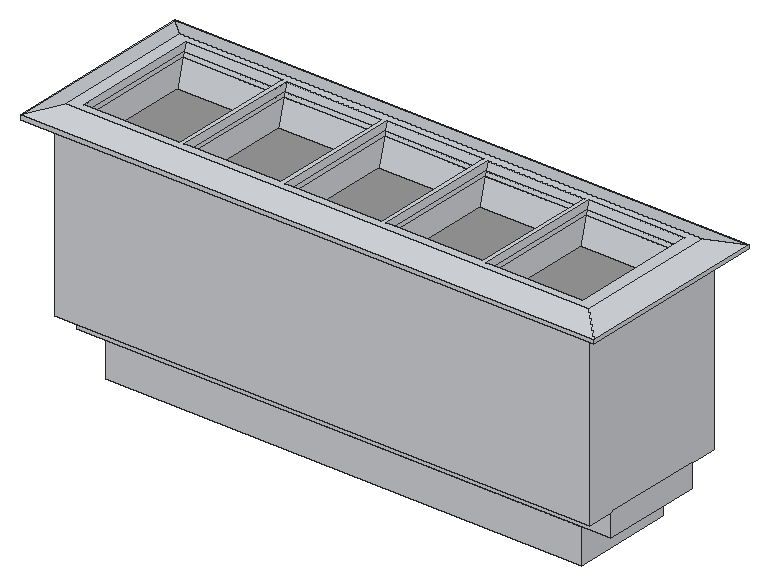
Revit family "2061422 Sylvania Lighting Fixture DOMINO 5xLED 930 BLACK MB TRIM WHITE DALI", category Lighting Fixtures, host Face, Revit 2018
Family settings
  Host = Face
  Round Connector Dimension = Use Diameter
  Part Type = Normal
  OmniClass Number = 23.80.70.00
  OmniClass Title = Lighting
  Cut with Voids When Loaded = No
  Light Source = Yes
  Shared = No
  Room Calculation Point = No
Parameters (values of type "2061422 DOMINO 5XLED 930 BLACK MB TR WHT DALI")
  top top width = 15.812 mm
  top top length = 123 mm
  Width = 50 mm
  Weight = "n/a"
  Wattage Comments = ""
  Wattage = 9.2903 W
  WarrantyStartDate [instance] = "n/a"
  WarrantyGuarantorParts = "n/a"
  WarrantyDurationUnit = "n/a"
  WarrantyDurationParts = ""
  WarrantyDescription = "http://www.sylvania-lighting.com"
  built-in parameter 1150110 = 1 (stored number, unit not read)
  Voltage = 0 V
  URL = "0.96"
  TypeName = "DOMINO 5xLED 930 BLACK MB TRIM WHITE DALI"
  Type Image = <None>
  Type Comments = "n/a"
  built-in parameter 1114217 = 1 (stored number, unit not read)
  Top Width = 26 mm
  Tilt Angle = 90.00°
  built-in parameter 1150109 = 1 (stored number, unit not read)
  built-in parameter 1150134 = 3
  built-in parameter 1150113 = 1 (stored number, unit not read)
  SerialNumber [instance] = "n/a"
  Recessed Width = 43 mm
  Recessed Length = 143 mm
  Photometric Web File = "2061422.ies"
  Material_3_FEILO = none
  PowerFactor = 0
  PowerConsumption = "Lighting"
  NominalLength = 50 mm
  NominalHeight = 0 mm
  NominalDepth = 0 mm
  Name = "DOMINO 5xLED 930 BLACK MB TRIM WHITE DALI"
  ModelReference = Name  # "DOMINO 5xLED 930 BLACK MB TRIM WHITE DALI"
  ModelNumber = "2061422"
  Model = Name  # "DOMINO 5xLED 930 BLACK MB TRIM WHITE DALI"
  Material = "Feilo Sylvania"
  ManufacturerName = "58 lm/W"
  Manufacturer = ""
  LuminousEfficacy = ""
  built-in parameter 1150105 = 109.82 (stored number, unit not read)
  Lumens = 1380 lm
  LuminaireType = "0"
  built-in parameter 1150115 = 1 (stored number, unit not read)
  LightOutputRatio = "LED"
  built-in parameter 1150137 = (empty or 0)
  built-in parameter 1150139 = (empty or 0)
  Lens inside recess = 25 mm
  Lens Width = 32 mm
  Lens Outside recess = 31.978 mm
  Lens = Glass, White, High Luminance
  Length = 148 mm
  LampsType = Lamp  # "n/a"
  LampNominalLuminous = "3000 K"
  LampMacAdamStep = "90"
  LampColourTemperature = "LED"
  LampColourRenderingIndex = "16500"
  built-in parameter 1150112 = 1 (stored number, unit not read)
  built-in parameter 1150114 = 1 (stored number, unit not read)
  Lamp = "n/a"
  Keynote = "n/a"
  InstallationDate [instance] = "n/a"
  InputVoltage = "0"
  InputNominalFrequency = "3000"
  built-in parameter 1150132 = (empty or 0)
  built-in parameter 1150102 = (empty or 0)
  built-in parameter 1150107 = 3200 (stored number, unit not read)
  built-in parameter 1150138 = (empty or 0)
  IngressProtection = "IfcLightFixtureType"
  ImpactProtectionIndex = "IfcLightFixtureType"
  built-in parameter 1150106 = 1.0982 (stored number, unit not read)
  IfcExportType = "IfcLightFixtureType"
  IfcExportAs = "Class II"
  Facia internal width = 37 mm
  Facia internal length = 135 mm
  Facia Height = 2 mm
  ExpectedLife = 50000
  Emit from Circle Diameter = 609.6 mm
  Emit Shape Visible in Rendering = no
  ElectricShockClassification = "58"
  built-in parameter 1150104 = 13.8 (stored number, unit not read)
  DurationUnit = "hours"
  DocumentationLiterature = "http://www.sylvania-lighting.com/product/en-int/products/2061422"
  DimmingControlOptions = "n/a"
  Material_2_FEILO = none
  Dimming Lamp Color Temperature Shift = <None>
  Description = "Modular LED recessed linear spotlight, ideal for retail and hospitality applications. Die-cast aluminium body, passive cooling. Two levels of reflector installation, low glaring UGR<16. 5x LED source, 30° beam angle , optics: PMMA lens and polycarbonate reflector combination, Black matt reflector finish. Light color temperature: 3000K warm white, total system power: 13W , total fixture lumen output: 750lm, efficacy: 58 lm/W, Ra90 typical, LED chromacity: 3 step MacAdam ellipse (SDCM3), lifespan: 96,000 hours at 90% of the original output (L90B10), IR/UV free light source without heat radiation, operating voltage: 220-240V / 50-60Hz, electronic driver, ultra low flicker, DALI , electrical protection: Class II. Degree of Protection: IP40/IP20, suitable for indoor environment only. Ceiling cut-out: 43x43mm, outer dimensions:  150x50mm trim frame RAL 9016 - Traffic white / Bezel color.5 years Warranty."
  Default Elevation = 1219.2 mm
  CreatedOn = "10/02/2021"
  CreatedBy = "@sylvania-lighting.com"
  Cost = 0
  Color Filter = 16777215
  built-in parameter 1114216 [instance] = (empty or 0)
  ClassificationValue = "EF_70_80"
  ClassificationName = "Uniclass2015"
  Material_1_FEILO = none
  Body Width = 40 mm
  Body Length = 138 mm
  BarCode [instance] = "n/a"
  built-in parameter 1114218 = 1 (stored number, unit not read)
  built-in parameter 1150133 = 10 (stored number, unit not read)
  AssetType = "Fixed"
  AssetIdentifier [instance] = "n/a"
  Assembly Code = "D5020200"
  Apparent Load = 13 VA
  Material_4_FEILO = none
Reference planes
  plane 1 "Center (Front/Back)": y = 0
  plane 2: z = 0
  plane 3 "Center (Left/Right)": x = 0
  plane 4: z = 0
  plane 5: z = -7
  plane 6: z = -45.895
  plane 7: z = -51.895
  plane 8: z = -60.895
  plane 9: x = -71.5
  plane 10: x = 71.5
  plane 11: y = 21.5
  plane 12: y = -21.5
  plane 13: x = -74
  plane 14: x = 74
  plane 15: y = 25
  plane 16: y = -25
  plane 17: x = 67.5
  plane 18: x = -67.5
  plane 19: y = 18.5
  plane 20: y = -18.5
  plane 21: z = 2
  plane 22: x = -69
  plane 23: x = 69
  plane 24: y = 20
  plane 25: y = -20
  plane 26: y = 13
  plane 27: y = -13
  plane 28: x = 61.5
  plane 29: x = -61.5
  plane 30: x = -65.5
  plane 31: y = 16.5
  plane 32: y = -16.472
  plane 33: x = -40.5
  plane 34: x = -41
  plane 35: x = -65
  plane 36: y = 13
  plane 37: y = -12.972
  plane 38: x = -39.5
  plane 39: x = -14.48
  plane 40: x = -13.48
  plane 41: x = 11.52
  plane 42: x = 12.52
  plane 43: x = 37.52
  plane 44: x = 38.52
  plane 45: x = 64.5
Forms (mm)
  Extrusion 1, solid, not visible, detail levels medium+fine
    sketch origin (4.2, 0, 0) x (1, 0, 0) y (0, 1, 0)
      loop
        line (-29.2, 34.5) -> (-29.2, -34.5) -> (20.8, -34.5) -> (20.8, 34.5) -> (-29.2, 34.5)
    from 0 to 1
  Extrusion 2, solid, not visible, detail levels medium+fine
    sketch origin (4.044, 0, 0) x (1, 0, 0) y (0, 1, 0)
      loop
        line (-29.2, 34.5) -> (-29.2, -34.5) -> (20.8, -34.5) -> (20.8, 34.5) -> (-29.2, 34.5)
    from 0 to 1
  Blend 3, solid, not visible, detail levels medium+fine
    base sketch origin (4.2, 0, 0) x (1, 0, 0) y (0, 1, 0)
      loop
        line (-29.2, 34.5) -> (-29.2, -34.5) -> (20.8, -34.5) -> (20.8, 34.5) -> (-29.2, 34.5)
    top sketch origin (4.2, 0, 0) x (1, 0, 0) y (0, 1, 0)
      loop
        line (-21.7, 28) -> (-21.7, -28) -> (13.3, -28) -> (13.3, 28) -> (-21.7, 28)
    from 1 to 3
  Extrusion 4, solid, not visible, detail levels medium+fine
    sketch origin (3.419, 0, 0) x (1, 0, 0) y (0, 1, 0)
      loop
        line (-29.2, 34.5) -> (-29.2, -34.5) -> (20.8, -34.5) -> (20.8, 34.5) -> (-29.2, 34.5)
    from 0 to 1
  Blend 5, solid, not visible, detail levels medium+fine
    base sketch origin (3.575, 0, 0) x (1, 0, 0) y (0, 1, 0)
      loop
        line (-29.2, 34.5) -> (-29.2, -34.5) -> (20.8, -34.5) -> (20.8, 34.5) -> (-29.2, 34.5)
    top sketch origin (3.575, 0, 0) x (1, 0, 0) y (0, 1, 0)
      loop
        line (-21.7, 28) -> (-21.7, -28) -> (13.3, -28) -> (13.3, 28) -> (-21.7, 28)
    from 1 to 3
  Extrusion 6, solid, not visible, detail levels medium+fine
    sketch origin (4.247, 0, 0) x (1, 0, 0) y (0, 1, 0)
      loop
        line (-29.2, 34.5) -> (-29.2, -34.5) -> (20.8, -34.5) -> (20.8, 34.5) -> (-29.2, 34.5)
    from 0 to 1
  Blend 7, solid, not visible, detail levels medium+fine
    base sketch origin (4.403, 0, 0) x (1, 0, 0) y (0, 1, 0)
      loop
        line (-29.2, 34.5) -> (-29.2, -34.5) -> (20.8, -34.5) -> (20.8, 34.5) -> (-29.2, 34.5)
    top sketch origin (4.403, 0, 0) x (1, 0, 0) y (0, 1, 0)
      loop
        line (-21.7, 28) -> (-21.7, -28) -> (13.3, -28) -> (13.3, 28) -> (-21.7, 28)
    from 1 to 3
  Extrusion 8, void, detail levels medium+fine
    sketch origin (4.2, 0, 0) x (0, 1, 0) y (1, 0, 0)
      loop
        line (21.5, -75.7) -> (21.5, 67.3) -> (-21.5, 67.3) -> (-21.5, -75.7) -> (21.5, -75.7)
    from -9.934 to 83.097
  Extrusion 9, solid, detail levels medium+fine
    sketch origin (4.2, 0, 0) x (1, 0, 0) y (0, 1, 0)
      loop
        line (-78.2, 25) -> (-78.2, -25) -> (69.8, -25) -> (69.8, 25) -> (-78.2, 25)
    from 0 to 1
  Extrusion 10, solid, detail levels medium+fine
    sketch origin (4.2, 0, 0) x (1, 0, 0) y (0, 1, 0)
      loop
        line (-73.2, 20) -> (-73.2, -20) -> (64.8, -20) -> (64.8, 20) -> (-73.2, 20)
    from 0 to -45.895
  Extrusion 11, solid, detail levels medium+fine
    sketch origin (4.2, 0, 0) x (1, 0, 0) y (0, 1, 0)
      loop
        line (-73.2, 13) -> (-73.2, -13) -> (64.8, -13) -> (64.8, 13) -> (-73.2, 13)
    from -51.895 to -45.895
  Extrusion 12, solid, material "Glass, White, High Luminance" <- "Lens", detail levels fine
    sketch origin (11.874, 1219.733, 36.156) x (1, 0, 0) y (0, 1, 0)
      loop
        line (-75.883, -1206.7) -> (-75.883, -1232.733) -> (-51.887, -1232.733) -> (-51.887, -1206.7) -> (-75.883, -1206.7)
    from -43.156 to -42.182
  Blend 13, solid, detail levels medium+fine
    base sketch origin (4.2, 0, 0) x (1, 0, 0) y (0, 1, 0)
      loop
        line (-78.2, 25) -> (-78.2, -25) -> (69.8, -25) -> (69.8, 25) -> (-78.2, 25)
    top sketch origin (4.2, 0, 0) x (1, 0, 0) y (0, 1, 0)
      loop
        line (-71.7, 18.5) -> (-71.7, -18.5) -> (63.3, -18.5) -> (63.3, 18.5) -> (-71.7, 18.5)
    from 1 to 3
  Extrusion 14, solid, detail levels fine
    sketch origin (0, 0, 0) x (1, 0, 0) y (0, 0, 1)
      loop
        line (-61.5, -51.895) -> (-61.5, -60.895) -> (61.5, -60.895) -> (61.5, -51.895) -> (-61.5, -51.895)
    from -13 to 13
  Blend 15, void
    base sketch origin (5.187, 0, 0) x (0, 1, 0) y (-1, 0, 0)
      loop
        line (16.5, 69.7) -> (-16.472, 69.7) -> (-16.472, 44.7) -> (16.5, 44.7) -> (16.5, 69.7)
    top sketch origin (5.187, 0, 0) x (0, 1, 0) y (-1, 0, 0)
      loop
        line (13, 69.2) -> (-12.972, 69.2) -> (-12.972, 45.2) -> (13, 45.2) -> (13, 69.2)
    from 3 to -7
  Blend 16, void
    base sketch origin (31.202, 0, 0) x (0, 1, 0) y (-1, 0, 0)
      loop
        line (16.5, 69.7) -> (-16.472, 69.7) -> (-16.472, 44.7) -> (16.5, 44.7) -> (16.5, 69.7)
    top sketch origin (31.202, 0, 0) x (0, 1, 0) y (-1, 0, 0)
      loop
        line (13, 69.2) -> (-12.972, 69.2) -> (-12.972, 45.2) -> (13, 45.2) -> (13, 69.2)
    from 3 to -7
  Blend 17, void
    base sketch origin (57.213, -0.017, 0) x (0, 1, 0) y (-1, 0, 0)
      loop
        line (16.5, 69.7) -> (-16.472, 69.7) -> (-16.472, 44.7) -> (16.5, 44.7) -> (16.5, 69.7)
    top sketch origin (57.213, -0.017, 0) x (0, 1, 0) y (-1, 0, 0)
      loop
        line (13, 69.2) -> (-12.972, 69.2) -> (-12.972, 45.2) -> (13, 45.2) -> (13, 69.2)
    from 3 to -7
  Blend 18, void
    base sketch origin (83.222, 0, 0) x (0, 1, 0) y (-1, 0, 0)
      loop
        line (16.5, 69.7) -> (-16.472, 69.7) -> (-16.472, 44.7) -> (16.5, 44.7) -> (16.5, 69.7)
    top sketch origin (83.222, 0, 0) x (0, 1, 0) y (-1, 0, 0)
      loop
        line (13, 69.2) -> (-12.972, 69.2) -> (-12.972, 45.2) -> (13, 45.2) -> (13, 69.2)
    from 3 to -7
  Blend 19, void
    base sketch origin (109.202, 0, 0) x (0, 1, 0) y (-1, 0, 0)
      loop
        line (16.5, 69.7) -> (-16.472, 69.7) -> (-16.472, 44.7) -> (16.5, 44.7) -> (16.5, 69.7)
    top sketch origin (109.202, 0, 0) x (0, 1, 0) y (-1, 0, 0)
      loop
        line (13, 69.2) -> (-12.972, 69.2) -> (-12.972, 45.2) -> (13, 45.2) -> (13, 69.2)
    from 3 to -7
  Extrusion 20, solid, material "Glass, White, High Luminance" <- "Lens", detail levels fine
    sketch origin (37.889, 1219.733, 36.156) x (1, 0, 0) y (0, 1, 0)
      loop
        line (-75.883, -1206.7) -> (-75.883, -1232.733) -> (-51.887, -1232.733) -> (-51.887, -1206.7) -> (-75.883, -1206.7)
    from -43.156 to -42.182
  Extrusion 21, solid, material "Glass, White, High Luminance" <- "Lens", detail levels fine
    sketch origin (63.896, 1219.733, 36.156) x (1, 0, 0) y (0, 1, 0)
      loop
        line (-75.883, -1206.7) -> (-75.883, -1232.733) -> (-51.887, -1232.733) -> (-51.887, -1206.7) -> (-75.883, -1206.7)
    from -43.156 to -42.182
  Extrusion 22, solid, material "Glass, White, High Luminance" <- "Lens", detail levels fine
    sketch origin (89.905, 1219.733, 36.156) x (1, 0, 0) y (0, 1, 0)
      loop
        line (-75.883, -1206.7) -> (-75.883, -1232.733) -> (-51.887, -1232.733) -> (-51.887, -1206.7) -> (-75.883, -1206.7)
    from -43.156 to -42.182
  Extrusion 23, solid, material "Glass, White, High Luminance" <- "Lens", detail levels fine
    sketch origin (115.886, 1219.733, 36.156) x (1, 0, 0) y (0, 1, 0)
      loop
        line (-75.883, -1206.7) -> (-75.883, -1232.733) -> (-51.887, -1232.733) -> (-51.887, -1206.7) -> (-75.883, -1206.7)
    from -43.156 to -42.182
  Extrusion 24, solid, detail levels coarse
    sketch origin (4.2, 0, 0) x (1, 0, 0) y (0, 1, 0)
      loop
        line (-78.2, 25) -> (-78.2, -25) -> (69.8, -25) -> (69.8, 25) -> (-78.2, 25)
    from 3 to -60.895
Cuts and joins
  Blend 15, Blend 16, Blend 17, Blend 18, Blend 19 cuts Extrusion 9
  Blend 15, Blend 16, Blend 17, Blend 18, Blend 19 cuts Extrusion 10
  Blend 15, Blend 16, Blend 17, Blend 18, Blend 19 cuts Blend 13
Dimensions and locks
  "Recessed Length": plane 9 to plane 10
  equal spacing: plane 9, plane 3 "Center (Left/Right)", plane 10
  "Length": plane 13 to plane 14
  equal spacing: plane 13, plane 3 "Center (Left/Right)", plane 14
  "Recessed Width": plane 11 to plane 12
  equal spacing: plane 11, plane 1 "Center (Front/Back)", plane 12
  "Width": plane 15 to plane 16
  equal spacing: plane 15, plane 1 "Center (Front/Back)", plane 16
  "Facia internal length": plane 18 to plane 17
  equal spacing: plane 18, plane 3 "Center (Left/Right)", plane 17
  "Facia internal width": plane 19 to plane 20
  equal spacing: plane 19, plane 1 "Center (Front/Back)", plane 20
  "Facia Height": plane 21 to host face
  "Body Length": plane 22 to plane 23
  equal spacing: plane 22, plane 3 "Center (Left/Right)", plane 23
  "Body Width": plane 24 to plane 25
  equal spacing: plane 24, plane 1 "Center (Front/Back)", plane 25
  "Top Width": plane 26 to plane 27
  equal spacing: plane 26, plane 1 "Center (Front/Back)", plane 27
  "top top length": plane 29 to plane 28
  equal spacing: plane 29, plane 3 "Center (Left/Right)", plane 28  (x2)
  plane 28 to plane 29 = 123 mm
  equal spacing: plane 28, plane 3 "Center (Left/Right)", plane 29
  aligned and locked: plane 2 to host face
  aligned and locked: level to host face
  aligned and locked: Extrusion 11 to plane 7
  aligned and locked: Extrusion 10 to plane 6
  aligned and locked: Extrusion 12 to plane 5
Automatic sketch dimensions
  Extrusion 1 sketch curve to Extrusion 1 sketch curve = 50 mm
  Extrusion 1 sketch curve to Extrusion 1 sketch curve = 69 mm
  Extrusion 2 sketch curve to Extrusion 2 sketch curve = 50 mm
  Extrusion 2 sketch curve to Extrusion 2 sketch curve = 69 mm
  Blend 3 sketch curve to Blend 3 sketch curve = 50 mm
  Blend 3 sketch curve to Blend 3 sketch curve = 69 mm
  Blend 3 sketch curve to Blend 3 sketch curve = 35 mm
  Blend 3 sketch curve to Blend 3 sketch curve = 56 mm
  Extrusion 4 sketch curve to Extrusion 4 sketch curve = 50 mm
  Extrusion 4 sketch curve to Extrusion 4 sketch curve = 69 mm
  Blend 5 sketch curve to Blend 5 sketch curve = 50 mm
  Blend 5 sketch curve to Blend 5 sketch curve = 69 mm
  Blend 5 sketch curve to Blend 5 sketch curve = 35 mm
  Blend 5 sketch curve to Blend 5 sketch curve = 56 mm
  Extrusion 6 sketch curve to Extrusion 6 sketch curve = 50 mm
  Extrusion 6 sketch curve to Extrusion 6 sketch curve = 69 mm
  Blend 7 sketch curve to Blend 7 sketch curve = 50 mm
  Blend 7 sketch curve to Blend 7 sketch curve = 69 mm
  Blend 7 sketch curve to Blend 7 sketch curve = 35 mm
  Blend 7 sketch curve to Blend 7 sketch curve = 56 mm
  host sketch curve to host sketch curve = 2438.4 mm  (x2)
  Extrusion 8 sketch curve to plane 9 = 0 mm
  Extrusion 8 sketch curve to plane 12 = 0 mm
  Extrusion 8 sketch curve to plane 11 = 0 mm
  Extrusion 8 sketch curve to plane 10 = 0 mm
  Extrusion 9 sketch curve to plane 13 = 0 mm
  Extrusion 9 sketch curve to plane 14 = 0 mm
  Extrusion 9 sketch curve to plane 16 = 0 mm
  Extrusion 9 sketch curve to plane 15 = 0 mm
  Extrusion 10 sketch curve to plane 22 = 0 mm
  Extrusion 10 sketch curve to plane 23 = 0 mm
  Extrusion 10 sketch curve to plane 25 = 0 mm
  Extrusion 10 sketch curve to plane 24 = 0 mm
  Extrusion 11 sketch curve to plane 22 = 0 mm
  Extrusion 11 sketch curve to plane 23 = 0 mm
  Extrusion 11 sketch curve to plane 27 = 0 mm
  Extrusion 11 sketch curve to plane 26 = 0 mm
  Extrusion 12 sketch curve to plane 27 = 0 mm
  plane 35 to Extrusion 12 sketch curve = 0.991 mm
  plane 26 to Extrusion 12 sketch curve = 0.033 mm
  plane 33 to Extrusion 12 sketch curve = 0.487 mm
  Blend 13 sketch curve to plane 13 = 0 mm
  Blend 13 sketch curve to plane 14 = 0 mm
  Blend 13 sketch curve to plane 16 = 0 mm
  Blend 13 sketch curve to plane 15 = 0 mm
  Blend 13 sketch curve to plane 18 = 0 mm
  Blend 13 sketch curve to plane 17 = 0 mm
  Blend 13 sketch curve to plane 20 = 0 mm
  Blend 13 sketch curve to plane 19 = 0 mm
  Extrusion 14 sketch curve to plane 8 = 0 mm
  Extrusion 14 sketch curve to plane 29 = 0 mm
  Extrusion 14 sketch curve to plane 28 = 0 mm
  Extrusion 14 sketch curve to plane 7 = 0 mm
  Blend 15 sketch curve to plane 32 = 0 mm
  Blend 15 sketch curve to plane 31 = 0 mm
  Blend 15 sketch curve to plane 38 = 0.013 mm
  plane 35 to Blend 15 sketch curve = 0.487 mm
  Blend 15 sketch curve to plane 37 = 0 mm
  Blend 15 sketch curve to plane 26 = 0 mm
  plane 33 to Blend 15 sketch curve = 0.487 mm
  plane 35 to Blend 15 sketch curve = 0.987 mm
  Blend 16 sketch curve to plane 32 = 0 mm
  Blend 16 sketch curve to plane 31 = 0 mm
  Blend 16 sketch curve to plane 40 = 0.018 mm
  plane 38 to Blend 16 sketch curve = 1.002 mm
  Blend 16 sketch curve to plane 37 = 0 mm
  Blend 16 sketch curve to plane 26 = 0 mm
  plane 39 to Blend 16 sketch curve = 0.482 mm
  plane 38 to Blend 16 sketch curve = 1.502 mm
  Blend 17 sketch curve to plane 32 = 0.017 mm
  Blend 17 sketch curve to plane 31 = 0.017 mm
  Blend 17 sketch curve to plane 42 = 0.007 mm
  plane 40 to Blend 17 sketch curve = 0.993 mm
  plane 27 to Blend 17 sketch curve = 0.011 mm
  Blend 17 sketch curve to plane 26 = 0.017 mm
  plane 41 to Blend 17 sketch curve = 0.493 mm
  plane 40 to Blend 17 sketch curve = 1.493 mm
  plane 32 to Blend 18 sketch curve = 0 mm
  plane 31 to Blend 18 sketch curve = 0 mm
  plane 44 to Blend 18 sketch curve = 0.002 mm
  plane 42 to Blend 18 sketch curve = 1.002 mm
  plane 37 to Blend 18 sketch curve = 0 mm
  plane 26 to Blend 18 sketch curve = 0 mm
  Blend 18 sketch curve to plane 44 = 0.498 mm
  plane 42 to Blend 18 sketch curve = 1.502 mm
  Blend 19 sketch curve to plane 32 = 0 mm
  Blend 19 sketch curve to plane 31 = 0 mm
  plane 45 to Blend 19 sketch curve = 0.002 mm
  plane 44 to Blend 19 sketch curve = 0.982 mm
  Blend 19 sketch curve to plane 37 = 0 mm
  Blend 19 sketch curve to plane 26 = 0 mm
  Blend 19 sketch curve to plane 45 = 0.498 mm
  plane 44 to Blend 19 sketch curve = 1.482 mm
  Extrusion 20 sketch curve to plane 27 = 0 mm
  plane 38 to Extrusion 20 sketch curve = 1.506 mm
  plane 26 to Extrusion 20 sketch curve = 0.033 mm
  plane 39 to Extrusion 20 sketch curve = 0.482 mm
  Extrusion 21 sketch curve to plane 27 = 0 mm
  plane 40 to Extrusion 21 sketch curve = 1.493 mm
  plane 26 to Extrusion 21 sketch curve = 0.033 mm
  plane 41 to Extrusion 21 sketch curve = 0.49 mm
  Extrusion 22 sketch curve to plane 27 = 0 mm
  plane 42 to Extrusion 22 sketch curve = 1.502 mm
  plane 26 to Extrusion 22 sketch curve = 0.033 mm
  plane 43 to Extrusion 22 sketch curve = 0.498 mm
  Extrusion 23 sketch curve to plane 27 = 0 mm
  plane 44 to Extrusion 23 sketch curve = 1.482 mm
  plane 26 to Extrusion 23 sketch curve = 0.033 mm
  Extrusion 23 sketch curve to plane 45 = 0.501 mm
  Extrusion 24 sketch curve to plane 13 = 0 mm
  Extrusion 24 sketch curve to plane 14 = 0 mm
  Extrusion 24 sketch curve to plane 16 = 0 mm
  Extrusion 24 sketch curve to plane 15 = 0 mm
Connectors
  electrical at (0, 0, -60.895)
    settings: on Extrusion 14, index 1, voltage 0 V, apparent load 0 VA, apparent load phase1 0 VA, apparent load phase2 0 VA, apparent load phase3 0 VA, power factor 1, load classification "Other", number of poles 1, system type 31, power factor state 1, is connector primary yes, connector utility no, sub classification motor no, connector description ""
